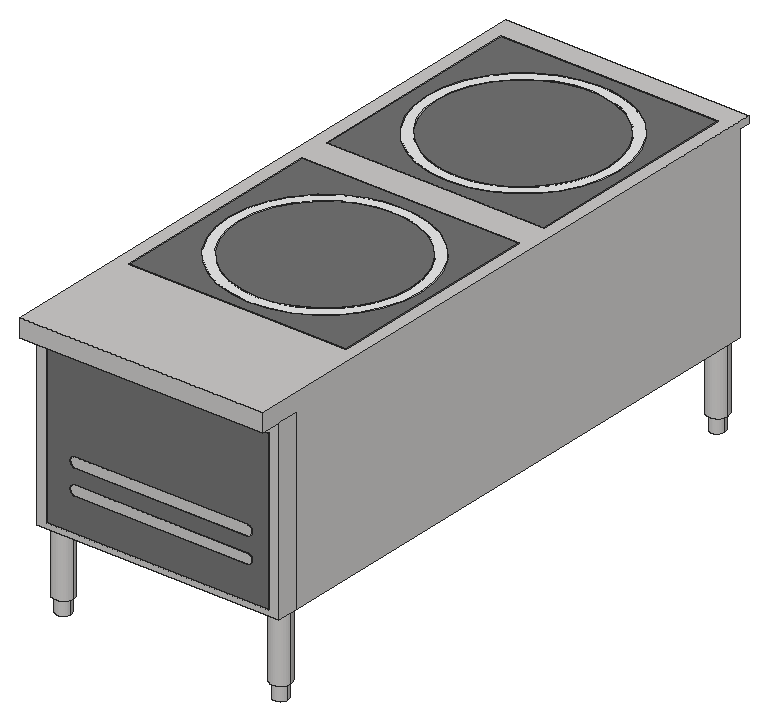
Revit family "QF_Vollrath_912HIDC", category Specialty Equipment, Revit 2016
Family settings
  Part Type = Normal
  Round Connector Dimension = Use Diameter
  OmniClass Number = 23.40.40.11.21
  OmniClass Title = Hot Cabinets
  Work Plane-Based = No
  Always vertical = Yes
  Cut with Voids When Loaded = No
  Shared = No
  Room Calculation Point = No
Parameters (values of type "208V")
  Weight in Pounds = 60.25
  Watts = 5000 W
  Watermarked By = "http://revitwatermark.com"
  Volts = 208 V
  URL Cutsheet = ""
  URL = "www.vollrathco.com"
  Status [instance] = ""
  Specification by User [instance] = ""
  Specification by Manufacturer = ""
  Serial Number [instance] = ""
  Seismic Rating [instance] = ""
  Revision Code [instance] = ""
  Phase = 1
  Number of Poles [instance] = 1
  NAFEM Spec ID Number [instance] = ""
  Model = "912HIDC"
  Masterspec = ""
  Manufacturer = "Vollrath"
  Item Number [instance] = ""
  Installed By [instance] = ""
  Height AFF [instance] = 36.00"
  Furnished By [instance] = ""
  Foodservice Equipment Identifier [instance] = yes
  FL Amps = 24 A
  Electrical Remarks [instance] = "DEDICATED CIRCUIT"
  Electric Connection Type [instance] = ""
  Elec Conn RI Height [instance] = 0.00"
  Elec Conn Connection Height = 6.00"
  Description = "Induction Hot Plate"
  Cycle = 60 Hz
  Conn Plug = "NEMA 6-30P"
  CSI MasterFormat = "11 42 13"
  Assembly Code = "E1090320"
  Apparent Power = if(Phase = 3, Volts * FL Amps * 1.73, Volts * FL Amps)  # 4992 VA
Types (2): name | Weight in Pounds | Watts | Volts | Elec Conn Connection Height | Apparent Power
  208V | 60.25 | 5000 W | 208 V | 6.00" | 4992 VA
  240V | 47 | 5800 W | 240 V | 2.00" | 5760 VA
Reference planes (in)
  plane 1: z = 0
  plane 2 "LEFT": x = 48
  plane 3 "BACK": y = -48
  plane 4 "BOTTOM": z = 36
  plane 5 "RIGHT": x = 60
  plane 6 "FRONT": y = -78
  plane 7 "TOP": z = 49.625
  plane 8: y = -47.5
  plane 9: x = 60.5
  plane 10: x = 47.5
  plane 11: y = -48.5
  plane 12: y = -77
  plane 13: x = 48.5
  plane 14: x = 59.5
  plane 15: z = 36.75
  plane 16: z = 40
  plane 17: x = 59.37
  plane 18: x = 48.63
  plane 19: z = 48.75
  plane 20: z = 48.11159
  plane 21: x = 49.29917
  plane 22: x = 58.62
  plane 23: z = 40.28782
  plane 24: y = -49.08388
  plane 25: y = -59.83388
  plane 26: z = 49.26188
  plane 27: z = 37.31
  plane 28: x = 49
  plane 29: z = 41
  plane 30: x = 59
Forms (in)
  Extrusion 1, solid, material "QF_Finishes_Stainless Steel"
    sketch origin (0.13, -0.63, 0) x (1, 0, 0) y (0, 1, 0)
      loop
        circle (48.5, -48.5) r 0.5
    from 40 to 36.75
  Extrusion 2, solid, material "QF_Finishes_Stainless Steel"
    sketch origin (0.13, 27.62, 0) x (1, 0, 0) y (0, 1, 0)
      loop
        circle (48.5, -76.75) r 0.35
    from 36.75 to 36
  Extrusion 3, solid, material "QF_Finishes_Dark Grey"
    sketch origin (0, -48, 0) x (1, 0, 0) y (0, 0, 1)
      loop
        line (48.5, 48.11159) -> (48.5, 40.28782) -> (59.5, 40.28782) -> (59.5, 48.11159) -> (48.5, 48.11159)
      loop
        arc (49.91944, 43.69866) -> (49.66944, 43.44866) -> (49.91944, 43.19866) r 0.25
        line (49.91944, 43.19866) -> (58.41944, 43.19866)
        arc (58.41944, 43.19866) -> (58.66944, 43.44866) -> (58.41944, 43.69866) r 0.25
        line (58.41944, 43.69866) -> (49.91944, 43.69866)
      loop
        arc (49.91944, 42.44866) -> (49.66944, 42.19866) -> (49.91944, 41.94866) r 0.25
        line (49.91944, 41.94866) -> (58.41944, 41.94866)
        arc (58.41944, 41.94866) -> (58.66944, 42.19866) -> (58.41944, 42.44866) r 0.25
        line (58.41944, 42.44866) -> (49.91944, 42.44866)
    from 28 to 29
  Extrusion 4, solid, material "QF_Finishes_Stainless Steel"
    sketch origin (48, 0, 0) x (0, 1, 0) y (0, 0, 1)
      loop
        line (-76, 49.26188) -> (-78, 49.26188) -> (-78, 48.75) -> (-76, 48.75) -> (-76, 49.26188)
    from 0 to 12
  Extrusion 5, solid, material "QF_Finishes_Stainless Steel"
    sketch origin (0, 0, 0) x (1, 0, 0) y (0, 1, 0)
      loop
        line (60, -48) -> (48, -48) -> (48, -78) -> (60, -78) -> (60, -48)
      loop
        line (48.63, -49.08388) -> (48.63, -59.83388) -> (59.37, -59.83388) -> (59.37, -49.08388) -> (48.63, -49.08388)
      loop
        line (48.63, -61.36797) -> (48.63, -72.08388) -> (59.37, -72.08388) -> (59.37, -61.36797) -> (48.63, -61.36797)
    from 49.26188 to 49.625
  Extrusion 6, solid, material "QF_Finishes_Dark Grey"
    sketch origin (0, 0, 0) x (1, 0, 0) y (0, 1, 0)
      loop
        line (48.63, -49.08388) -> (48.63, -59.83388) -> (59.37, -59.83388) -> (59.37, -49.08388) -> (48.63, -49.08388)
      loop
        line (48.63, -61.36797) -> (48.63, -72.08388) -> (59.37, -72.08388) -> (59.37, -61.36797) -> (48.63, -61.36797)
      loop
        circle (54.07471, -54.51988) r 4.75
      loop
        circle (54.07471, -54.51988) r 4.25
      loop
        circle (54.07471, -66.76988) r 4.75
      loop
        circle (54.07471, -66.76988) r 4.25
    from 49.26188 to 49.625
  Extrusion 7, solid, material "QF_Finishes_White"
    sketch origin (0, 0, 0) x (1, 0, 0) y (0, 1, 0)
      loop
        circle (54.07471, -54.51988) r 4.75
      loop
        circle (54.07471, -54.51988) r 4.25
      loop
        circle (54.07471, -66.76988) r 4.75
      loop
        circle (54.07471, -66.76988) r 4.25
    from 49.26188 to 49.625
  Extrusion 8, solid, material "QF_Finishes_Stainless Steel"
    sketch origin (0, -48, 0) x (1, 0, 0) y (0, 0, 1)
      loop
        line (48, 48.75) -> (48, 40) -> (60, 40) -> (60, 48.75) -> (48, 48.75)
      loop
        line (59.5, 48.11159) -> (48.5, 48.11159) -> (48.5, 40.28782) -> (59.5, 40.28782) -> (59.5, 48.11159)
    from 28 to 29
  Extrusion 9, solid, material "QF_Finishes_Stainless Steel"
    sketch origin (10.88, -0.63, 0) x (1, 0, 0) y (0, 1, 0)
      loop
        circle (48.5, -48.5) r 0.5
    from 40 to 36.75
  Extrusion 10, solid, material "QF_Finishes_Stainless Steel"
    sketch origin (10.88, 27.62, 0) x (1, 0, 0) y (0, 1, 0)
      loop
        circle (48.5, -76.75) r 0.35
    from 36.75 to 36
  Extrusion 11, solid, material "QF_Finishes_Stainless Steel"
    sketch origin (10.88, -27.63, 0) x (1, 0, 0) y (0, 1, 0)
      loop
        circle (48.5, -48.5) r 0.5
    from 40 to 36.75
  Extrusion 12, solid, material "QF_Finishes_Stainless Steel"
    sketch origin (10.88, 0.62, 0) x (1, 0, 0) y (0, 1, 0)
      loop
        circle (48.5, -76.75) r 0.35
    from 36.75 to 36
  Extrusion 13, solid, material "QF_Finishes_Stainless Steel"
    sketch origin (0.13, -27.63, 0) x (1, 0, 0) y (0, 1, 0)
      loop
        circle (48.5, -48.5) r 0.5
    from 40 to 36.75
  Extrusion 14, solid, material "QF_Finishes_Stainless Steel"
    sketch origin (0.13, 0.62, 0) x (1, 0, 0) y (0, 1, 0)
      loop
        circle (48.5, -76.75) r 0.35
    from 36.75 to 36
  Extrusion 15, solid, material "QF_Finishes_Clearances", detail levels coarse
    sketch origin (0, 0, 0) x (1, 0, 0) y (0, 1, 0)
      loop
        line (47.5, -78) -> (48, -78) -> (48, -48) -> (60, -48) -> (60, -78) -> (60.5, -78) -> (60.5, -47.5) -> (47.5, -47.5) -> (47.5, -78)
    from 36 to 49.625
  Extrusion 16, solid, material "QF_Finishes_Stainless Steel"
    sketch origin (48, 0, 0) x (0, 1, 0) y (0, 0, 1)
      loop
        line (-76, 49.26188) -> (-76, 40) -> (-48.5, 40) -> (-48.5, 49.26188) -> (-76, 49.26188)
    from 0 to 12
  Extrusion 17, solid, material "QF_Finishes_Stainless Steel"
    sketch origin (0, -48, 0) x (1, 0, 0) y (0, 0, 1)
      loop
        line (49.91944, 43.19866) -> (58.41944, 43.19866)
        arc (58.41944, 43.19866) -> (58.66944, 43.44866) -> (58.41944, 43.69866) r 0.25
        line (58.41944, 43.69866) -> (49.91944, 43.69866)
        arc (49.91944, 43.69866) -> (49.66944, 43.44866) -> (49.91944, 43.19866) r 0.25
      loop
        line (58.41944, 42.44866) -> (49.91944, 42.44866)
        arc (49.91944, 42.44866) -> (49.66944, 42.19866) -> (49.91944, 41.94866) r 0.25
        line (49.91944, 41.94866) -> (58.41944, 41.94866)
        arc (58.41944, 41.94866) -> (58.66944, 42.19866) -> (58.41944, 42.44866) r 0.25
    from 28 to 29
  Extrusion 18, solid, material "QF_Finishes_Stainless Steel"
    sketch origin (0, -48, 0) x (1, 0, 0) y (0, 0, 1)
      loop
        circle (59, 41) r 0.25
    from 0.21567 to 0.5
Cuts and joins
  joined: Extrusion 4, Extrusion 5, Extrusion 16
Lines and regions (in)
  symbolic lines
    curve 1: line (48, -78, 0) -> (60, -78, 0)
    curve 2: line (60, -78, 0) -> (60, -48, 0)
    curve 3: line (48, -48, 0) -> (48, -78, 0)
    curve 4: line (60, -48, 0) -> (48, -48, 0)
    curve 5: line (59.37, -49.08388, 0) -> (48.63, -49.08388, 0)
    curve 6: line (48.63, -49.08388, 0) -> (48.63, -59.83388, 0)
    curve 7: arc (58.82471, -54.51988, 0) -> (54.07471, -49.76988, 0) -> (49.32471, -54.51988, 0) r 4.75
    curve 8: arc (49.82471, -54.51988, 0) -> (54.07471, -50.26988, 0) -> (58.32471, -54.51988, 0) r 4.25
    curve 9: arc (58.32471, -54.51988, 0) -> (54.07471, -58.76988, 0) -> (49.82471, -54.51988, 0) r 4.25
    curve 10: arc (49.32471, -54.51988, 0) -> (54.07471, -59.26988, 0) -> (58.82471, -54.51988, 0) r 4.75
    curve 11: line (59.37, -59.83388, 0) -> (59.37, -49.08388, 0)
    curve 12: line (48.63, -59.83388, 0) -> (59.37, -59.83388, 0)
    curve 13: line (59.37, -72.08388, 0) -> (59.37, -61.36797, 0)
    curve 14: line (59.37, -61.36797, 0) -> (48.63, -61.36797, 0)
    curve 15: arc (58.32471, -66.76988, 0) -> (54.07471, -62.51988, 0) -> (49.82471, -66.76988, 0) r 4.25
    curve 16: line (48.63, -61.36797, 0) -> (48.63, -72.08388, 0)
    curve 17: arc (58.32471, -66.76988, 0) -> (54.07471, -71.01988, 0) -> (49.82471, -66.76988, 0) r 4.25
    curve 18: arc (49.32471, -66.76988, 0) -> (54.07471, -71.51988, 0) -> (58.82471, -66.76988, 0) r 4.75
    curve 19: line (48.63, -72.08388, 0) -> (59.37, -72.08388, 0)
    curve 20: line (48, -77, 0) -> (60, -77, 0)
    curve 21: arc (58.82471, -66.76988, 0) -> (54.07471, -62.01988, 0) -> (49.32471, -66.76988, 0) r 4.75
  symbolic lines, style "QF_Clearances"
    curve 22: line (47.5, -78, 0) -> (47.5, -47.5, 0)
    curve 23: line (47.5, -47.5, 0) -> (60.5, -47.5, 0)
    curve 24: line (60.5, -47.5, 0) -> (60.5, -78, 0)
Dimensions and locks (in)
  "Height AFF": plane 4 "BOTTOM" to level
  plane 6 "FRONT" to plane 3 "BACK" = 30.00"
  plane 3 "BACK" to plane 8 = 0.50"
  plane 8 to plane 11 = 1.00"
  plane 10 to plane 13 = 1.00"
  locked: plane 12 to plane 6 "FRONT" at 1
  locked: plane 15 to plane 4 "BOTTOM" at 0.75
  locked: plane 16 to plane 15 at 3.25
  plane 24 to plane 25 = 10.75"
  locked: plane 23 to plane 16 at 0.28782
  locked: plane 20 to plane 23 at 7.82377
  locked: plane 19 to plane 20 at 0.63841
  locked: plane 7 "TOP" to plane 19 at 0.875
  locked: plane 26 to plane 7 "TOP" at 0.36312
  locked: plane 5 "RIGHT" to plane 9 at 0.5
  locked: plane 14 to plane 5 "RIGHT" at 0.5
  locked: plane 17 to plane 14 at 0.13
  locked: plane 22 to plane 17 at 0.75
  plane 2 "LEFT" to plane 5 "RIGHT" = 12.00"
  plane 3 "BACK" to Extrusion 15 = 30.00"
  aligned and locked: level to plane 1
  aligned: Extrusion 2 to plane 15
  aligned: Extrusion 1 to Extrusion 2
  aligned: plane 16 to Extrusion 2
  aligned and locked: Extrusion 4 sketch curve to plane 19
  aligned and locked: Extrusion 4 sketch curve to plane 6 "FRONT"
  aligned and locked: Extrusion 5 sketch curve to cut or joined group of Extrusion 4, Extrusion 5, Extrusion 16  (x3)
  aligned and locked: plane 7 "TOP" to Extrusion 5
  aligned and locked: Extrusion 5 to cut or joined group of Extrusion 4, Extrusion 5, Extrusion 16
  aligned and locked: plane 17 to Extrusion 5  (x2)
  aligned and locked: Extrusion 5 to plane 24
  aligned and locked: plane 18 to Extrusion 5  (x2)
  aligned and locked: plane 25 to Extrusion 5
  aligned and locked: plane 5 "RIGHT" to cut or joined group of Extrusion 4, Extrusion 5, Extrusion 16
  aligned and locked: plane 17 to cut or joined group of Extrusion 4, Extrusion 5, Extrusion 16  (x2)
  aligned and locked: plane 5 "RIGHT" to Extrusion 4
  aligned and locked: Extrusion 3 to plane 14
  aligned and locked: plane 26 to Extrusion 5
  aligned: Extrusion 1 to plane 4 "BOTTOM"
  aligned and locked: Extrusion 6 sketch curve to cut or joined group of Extrusion 4, Extrusion 5, Extrusion 16  (x8)
  aligned and locked: Extrusion 7 sketch curve to Extrusion 6  (x8)
  aligned and locked: plane 7 "TOP" to Extrusion 6
  aligned and locked: cut or joined group of Extrusion 4, Extrusion 5, Extrusion 16 to Extrusion 6
  aligned and locked: plane 7 "TOP" to Extrusion 7
  aligned and locked: cut or joined group of Extrusion 4, Extrusion 5, Extrusion 16 to Extrusion 7
  aligned and locked: Extrusion 8 sketch curve to plane 19
  aligned and locked: Extrusion 8 sketch curve to Extrusion 3  (x4)
  aligned and locked: Extrusion 8 to Extrusion 3
  aligned and locked: Extrusion 2 to Extrusion 1
  aligned and locked: Extrusion 2 to plane 4 "BOTTOM"
  aligned and locked: Extrusion 10 to Extrusion 9
  aligned and locked: Extrusion 12 to Extrusion 11
  aligned: Extrusion 14 to Extrusion 13
  aligned and locked: plane 15 to Extrusion 2
  aligned and locked: plane 16 to Extrusion 1
  aligned and locked: plane 16 to Extrusion 13
  aligned and locked: Extrusion 13 to plane 15
  aligned and locked: plane 15 to Extrusion 14
  aligned and locked: Extrusion 14 to plane 4 "BOTTOM"
  aligned and locked: Extrusion 1 to Extrusion 11
  aligned and locked: Extrusion 11 to Extrusion 1
  aligned and locked: Extrusion 1 to Extrusion 12
  aligned and locked: Extrusion 12 to plane 4 "BOTTOM"
  aligned and locked: Extrusion 9 to Extrusion 1  (x2)
  aligned and locked: Extrusion 10 to Extrusion 1
  aligned and locked: Extrusion 10 to plane 4 "BOTTOM"
  aligned and locked: Extrusion 15 to Extrusion 2
  aligned and locked: Extrusion 15 to cut or joined group of Extrusion 4, Extrusion 5, Extrusion 16
  aligned and locked: Extrusion 16 sketch curve to cut or joined group of Extrusion 4, Extrusion 5, Extrusion 16  (x2)
  aligned and locked: plane 16 to Extrusion 16 sketch curve
  aligned and locked: Extrusion 16 sketch curve to plane 11
Automatic sketch dimensions
  curve 7 to curve 8 = 0.00"
  curve 7 to curve 9 = 0.00"
  curve 15 to curve 18 = 0.00"  (x2)
  curve 23 to plane 8 = 0.00"
  curve 23 to plane 10 = 0.00"
  curve 1 to plane 2 "LEFT" = 0.00"
  curve 16 to plane 18 = 0.00"
  curve 5 to plane 18 = 0.00"
  curve 12 to plane 17 = 0.00"
  curve 13 to plane 17 = 0.00"
  curve 20 to plane 5 "RIGHT" = 0.00"
  curve 24 to plane 6 "FRONT" = 0.00"
  curve 24 to plane 9 = 0.00"
  curve 1 to plane 6 "FRONT" = 0.00"
  curve 22 to plane 6 "FRONT" = 0.00"
  curve 20 to plane 12 = 0.00"
  curve 12 to plane 25 = 0.00"
  curve 11 to plane 24 = 0.00"
  plane 3 "BACK" to curve 3 = 0.00"
  plane 21 to curve 18 = 0.02554"
  plane 21 to curve 7 = 0.02554"
  curve 18 to curve 17 = 0.50"
  curve 7 to curve 9 = 0.50"
  curve 15 to curve 17 = 4.25"
  curve 8 to curve 7 = 4.25"
  plane 12 to curve 19 = 4.91612"
  curve 13 to curve 21 = 5.314"
  curve 14 to curve 6 = 1.5341"
  plane 25 to curve 7 = 5.314"
  Extrusion 1 sketch curve to plane 18 = 0.00"
  Extrusion 1 sketch curve to plane 11 = 0.63"
  Extrusion 2 sketch curve to plane 18 = 0.00"
  Extrusion 2 sketch curve to plane 11 = 0.63"
  Extrusion 5 sketch curve to plane 18 = 0.00"  (x2)
  Extrusion 5 sketch curve to plane 17 = 0.00"  (x2)
  Extrusion 5 sketch curve to plane 25 = 0.00"
  Extrusion 5 sketch curve to plane 24 = 0.00"
  plane 12 to Extrusion 5 sketch curve = 4.91612"
  Extrusion 5 sketch curve to plane 25 = 1.5341"
  Extrusion 6 sketch curve to Extrusion 6 sketch curve = 0.00"  (x4)
  plane 22 to Extrusion 6 sketch curve = 4.54529"  (x2)
  Extrusion 6 sketch curve to plane 25 = 6.936"
  plane 25 to Extrusion 6 sketch curve = 5.314"
  Extrusion 9 sketch curve to plane 17 = 0.01"
  Extrusion 9 sketch curve to plane 11 = 0.63"
  Extrusion 10 sketch curve to plane 17 = 0.01"
  Extrusion 10 sketch curve to plane 11 = 0.63"
  Extrusion 11 sketch curve to plane 17 = 0.01"
  plane 12 to Extrusion 11 sketch curve = 0.87"
  Extrusion 12 sketch curve to plane 17 = 0.01"
  plane 12 to Extrusion 12 sketch curve = 0.87"
  Extrusion 13 sketch curve to plane 18 = 0.00"
  plane 12 to Extrusion 13 sketch curve = 0.87"
  Extrusion 14 sketch curve to plane 18 = 0.00"
  plane 12 to Extrusion 14 sketch curve = 0.87"
  Extrusion 15 sketch curve to plane 6 "FRONT" = 0.00"  (x2)
  Extrusion 15 sketch curve to plane 10 = 0.00"
  Extrusion 15 sketch curve to plane 2 "LEFT" = 0.00"
  plane 3 "BACK" to Extrusion 15 sketch curve = 0.00"
  Extrusion 15 sketch curve to plane 5 "RIGHT" = 0.00"
  Extrusion 15 sketch curve to plane 9 = 0.00"
  Extrusion 15 sketch curve to plane 8 = 0.00"
  plane 26 to Extrusion 4 sketch curve = 0.00"
  plane 12 to Extrusion 4 sketch curve = 1.00"
  plane 3 "BACK" to Extrusion 5 sketch curve = 0.00"
  Extrusion 3 sketch curve to plane 13 = 0.00"
  plane 14 to Extrusion 3 sketch curve = 0.00"
  Extrusion 3 sketch curve to plane 23 = 0.00"
  Extrusion 3 sketch curve to plane 20 = 0.00"
  plane 21 to Extrusion 3 sketch curve = 0.62027"  (x2)
  plane 22 to Extrusion 3 sketch curve = 0.20056"  (x2)
  plane 23 to Extrusion 3 sketch curve = 1.66083"
  Extrusion 3 sketch curve to Extrusion 3 sketch curve = 0.25"  (x2)
  Extrusion 3 sketch curve to Extrusion 3 sketch curve = 0.75"
  Extrusion 8 sketch curve to plane 2 "LEFT" = 0.00"
  Extrusion 8 sketch curve to plane 5 "RIGHT" = 0.00"
  Extrusion 8 sketch curve to plane 16 = 0.00"
  plane 21 to Extrusion 17 sketch curve = 0.62027"  (x2)
  plane 22 to Extrusion 17 sketch curve = 0.20056"  (x2)
  plane 23 to Extrusion 17 sketch curve = 2.91083"
  Extrusion 17 sketch curve to Extrusion 17 sketch curve = 0.25"  (x2)
  Extrusion 17 sketch curve to Extrusion 17 sketch curve = 0.75"
  Extrusion 18 sketch curve to plane 29 = 0.00"
  Extrusion 18 sketch curve to plane 30 = 0.00"
  radius of Extrusion 1 sketch curve = 0.50"
  radius of Extrusion 2 sketch curve = 0.35"
  radius of Extrusion 6 sketch curve = 4.75"  (x2)
  radius of Extrusion 6 sketch curve = 4.25"  (x2)
  radius of Extrusion 9 sketch curve = 0.50"
  radius of Extrusion 10 sketch curve = 0.35"
  radius of Extrusion 11 sketch curve = 0.50"
  radius of Extrusion 12 sketch curve = 0.35"
  radius of Extrusion 13 sketch curve = 0.50"
  radius of Extrusion 14 sketch curve = 0.35"
  radius of Extrusion 18 sketch curve = 0.25"
Connectors (in)
  electrical at (59, -48.21567, 41), driven by "Number of Poles", driven by "Volts", driven by "Apparent Power"
    settings: on Extrusion 18, index 1, voltage 208 V, apparent load 4992 VA, apparent load phase1 0 VA, apparent load phase2 0 VA, apparent load phase3 0 VA, power factor 1, load classification "Other", number of poles 1, system type 30, power factor state 1, is connector primary yes, connector utility no, sub classification motor no, connector description "Electric Connection"
